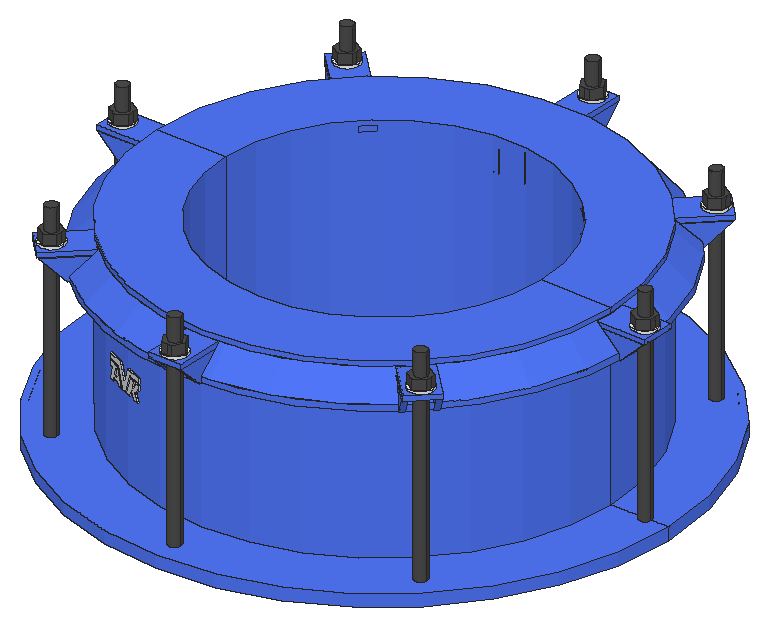
Revit family "603-A-4100-DN400", category Pipe Accessories, Revit 2019
Family settings
  Round Connector Dimension = Use Diameter
  Part Type = Valve - Breaks Into
  Work Plane-Based = No
  Always vertical = Yes
  Cut with Voids When Loaded = No
  Shared = No
Parameters (values of type "603-436-002-4100_DN400")
  Washer_ref = size_lookup(Search_table, "Washer_ref", 0 mm, [Nomianal_Diameter(DN)])  # 188 mm
  Washer = 3 mm  # constant formula
  URL product pages = "https://www.avkvalves.com/P.aspx?no=6031830604100"
  Search_table = "603-A-4100-DN400"
  Rib_width = size_lookup(Search_table, "Rib_width", 0 mm, [Nomianal_Diameter(DN)])  # 556 mm
  Rib_length = 32 mm  # constant formula
  Rib_Thickness = 5 mm  # constant formula
  PCD = size_lookup(Search_table, "PCD", 0 mm, [Nomianal_Diameter(DN)])  # 530 mm
  Nut = 10 mm  # constant formula
  Length = size_lookup(Search_table, "Length", 0 mm, [Nomianal_Diameter(DN)])  # 165 mm
  L1 = size_lookup(Search_table, "L1", 0 mm, [Nomianal_Diameter(DN)])  # 100 mm
  L3 = size_lookup(Search_table, "L3", 0 mm, [Nomianal_Diameter(DN)]) - 7 mm  # 158 mm
  L = size_lookup(Search_table, "L", 0 mm, [Nomianal_Diameter(DN)]) - Bottm_height  # 220 mm
  ID = [Nomianal_Diameter(DN)] / 2.5  # 160.04 mm
  Nomianal_Diameter(DN) = 400.1 mm
  H1 = size_lookup(Search_table, "H1", 0 mm, [Nomianal_Diameter(DN)])  # 33 mm
  Description_ = "AVK UNIVERSAL SUPA® FLANGE ADAPTOR"
  DN400_436-462 = "603-462-000-4100"
  DN400_410-436 = "603-436-002-4100"
  DN400_410- 436 = "603-436-000-4100"
  D4 = (PCD / 2) + Bottom_Flange_Thicckness  # 277 mm
  D3 = (D2 * 1.1)  # 253.55 mm
  D2 = size_lookup(Search_table, "D2", 0 mm, [Nomianal_Diameter(DN)]) / 2  # 230.5 mm
  D = size_lookup(Search_table, "D", 0 mm, [Nomianal_Diameter(DN)]) / 2  # 289 mm
  Bottom_Flange_Thicckness = 12 mm  # constant formula
  Bottm_height = size_lookup(Search_table, "Bottm_height", 0 mm, [Nomianal_Diameter(DN)])  # 6 mm
  Bottm_cut = size_lookup(Search_table, "Bottm_cut", 0 mm, [Nomianal_Diameter(DN)]) / 2  # 242 mm
  Bolt_width = 20 mm  # constant formula
  Bolt_ref = size_lookup(Search_table, "Bolt_ref", 0 mm, [Nomianal_Diameter(DN)])  # 198 mm
Types (4, lengths in mm): name | ID | Nomianal_Diameter(DN) | D
  (no name) | 160.04 | 400.1 | 289
  603-436-000-4100_DN400 | 160 | 400 | 298.5
  603-436-002-4100_DN400 | 160.04 | 400.1 | 289
  603-462-000-4100_DN400 | 160 | 400 | 298.5
Reference planes
  plane 1 "Center (Front/Back)": y = 0
  plane 2: z = 0
  plane 3 "Center (Left/Right)": x = 0
  plane 4: y = 278
  plane 5: y = -278
  plane 6: x = -278
  plane 7: x = 278
  plane 8: z = 165
  plane 9: z = 159
  plane 10: y = -11.5
  plane 11: y = 11.5
  plane 12: x = 11
  plane 13: x = -11
  plane 14: x = -265
  plane 15: x = 265
  plane 16: y = 265
  plane 17: y = -265
  plane 18: x = -255
  plane 19: x = -275
  plane 20: y = 11.187
  plane 21: y = -11.187
  plane 22: y = 5
  plane 23: y = 5
  plane 24: y = -5
  plane 25: y = -5
  plane 26: x = 0
  plane 27: x = 0
  plane 28: y = -255
  plane 29: y = -275
  plane 30: x = -5
  plane 31: x = 5
  plane 32: x = 5
  plane 33: x = -5
  plane 34: x = 11
  plane 35: x = -11
  plane 36: y = 265
  plane 37: y = 275
  plane 38: y = 255
  plane 39: x = -5
  plane 40: x = 5
  plane 41: x = 11
  plane 42: x = -11
  plane 43: x = 11
  plane 44: x = -11
  plane 45: x = 265
  plane 46: x = 275
  plane 47: x = 255
  plane 48: y = 11.187
  plane 49: y = -11.187
  plane 50: y = 5
  plane 51: y = 5
  plane 52: y = -5
  plane 53: y = -5
  plane 54: y = 11.187
  plane 55: y = -11.187
  plane 56: x = 64.5
  plane 57: x = -64.5
  plane 58: y = 64.5
  plane 59: y = -64.5
  plane 60: x = -265
  plane 61: x = 265
  plane 62: x = -250
  plane 63: z = -1.012
  plane 64: x = 265
  plane 65: x = -265
  plane 66: x = 250
  plane 67: z = -1.012
  plane 68: y = 265
  plane 69: y = -265
  plane 70: y = -265
  plane 71: y = 265
  plane 72: z = -6
  plane 73: x = -289
  plane 74: x = 289
  plane 75: through (0, 0, 1200) normal (-0.7071, -0.7071, 0)
  plane 76: through (0, 0, 1200) normal (-0.7071, 0.7071, 0)
  plane 77: through (0, 0, 1200) normal (-0.7071, 0.7071, 0)
  plane 78: x = -187.278
  plane 79: x = -177.278
  plane 80: x = -197.278
  plane 81: through (0, 0, 1200) normal (0.7071, 0.7071, 0)
  plane 82: x = 187.477
  plane 83: x = 197.477
  plane 84: x = 177.477
  plane 85: through (0, 0, 1200) normal (-0.7071, 0.7071, 0)
  plane 86: x = 187.278
  plane 87: x = 177.278
  plane 88: x = 197.278
  plane 89: x = -187.477
  plane 90: x = -197.477
  plane 91: x = -177.477
  plane 92: x = -187.278
  plane 93: x = 342.722
  plane 94: x = -172.278
  plane 95: z = -1.012
  plane 96: x = 187.278
  plane 97: x = -342.722
  plane 98: x = 172.278
  plane 99: z = -1.012
  plane 100: x = -187.278
  plane 101: x = 342.722
  plane 102: x = -172.278
  plane 103: z = -1.012
  plane 104: x = 187.278
  plane 105: x = -342.722
  plane 106: x = 172.278
  plane 107: z = -1.012
Forms (mm)
  Revolve 1, solid, material "Plastic"
    sketch origin (0, 0, 0) x (1, 0, 0) y (0, 0, 1)
      loop
        line (0, 0) -> (289, 0) -> (289, 12) -> (230.5, 12) -> (230.5, 158) -> (253.55, 158) -> (253.55, 164) -> (230.5, 186) -> (230.5, 191) -> (0, 191) -> (0, 0)
      axis (0, 0) -> (0, 191)
    angle from 0 to 360
  Extrusion 2, solid, material "Plastic"
    sketch origin (0, 0, 0) x (1, 0, 0) y (0, 0, 1)
      loop
        line (-16, 186) -> (-16, 181) -> (16, 181) -> (16, 186) -> (-16, 186)
    from -278 to 278
  Extrusion 3, solid, material "Plastic"
    sketch origin (0, 0, 0) x (0, 1, 0) y (0, 0, 1)
      loop
        line (16.5, 186) -> (-16.5, 186) -> (-16.5, 181) -> (16.5, 181) -> (16.5, 186)
    from -278 to 278
  Extrusion 4, solid, material "Stainless Steel AISI 304"
    sketch origin (0, 0, 0) x (1, 0, 0) y (0, 1, 0)
      loop
        circle (0, 265) r 6
      loop
        circle (0, -265) r 6
      loop
        circle (-265, 0) r 6
      loop
        circle (265, 0) r 6
      loop
        circle (-187.383, 187.383) r 6
      loop
        circle (187.383, -187.383) r 6
      loop
        circle (187.383, 187.383) r 6
      loop
        circle (-187.383, -187.383) r 6
    from 12 to 220
  Extrusion 5, solid, material "Plastic"
    sketch origin (0, 0, 0) x (0.707107, -0.707107, 0) y (0, 0, 1)
      loop
        line (-253.55, 158) -> (0, 158) -> (253.55, 158) -> (277, 181) -> (0, 181) -> (-277, 181) -> (-253.55, 158)
    from 11.5 to 16.5
  Extrusion 6, solid, material "Plastic"
    sketch origin (0, 0, 0) x (0.707107, -0.707107, 0) y (0, 0, 1)
      loop
        line (253.55, 158) -> (277, 181) -> (-277, 181) -> (-253.55, 158) -> (253.55, 158)
    from -16.5 to -11.5
  Extrusion 7, solid, material "Plastic"
    sketch origin (0, 0, 0) x (0, 1, 0) y (0, 0, 1)
      loop
        line (277, 181) -> (-277, 181) -> (-253.55, 158) -> (253.55, 158) -> (277, 181)
    from 11 to 16
  Extrusion 8, solid, material "Plastic"
    sketch origin (0, 0, 0) x (0, 1, 0) y (0, 0, 1)
      loop
        line (253.55, 158) -> (277, 181) -> (-277, 181) -> (-253.55, 158) -> (0, 158) -> (253.55, 158)
    from -16 to -11
  Extrusion 9, solid, material "Stainless Steel AISI 304"
    sketch origin (0, 0, 0) x (1, 0, 0) y (0, 1, 0)
      loop
        line (-275, 0) -> (-275, -5) -> (-265, -11.187) -> (-255, -5) -> (-255, 0) -> (-255, 5) -> (-265, 11.187) -> (-275, 5) -> (-275, 0)
      loop
        line (0, -255) -> (-5, -255) -> (-11, -265) -> (-5, -275) -> (0, -275) -> (5, -275) -> (11, -265) -> (5, -255) -> (0, -255)
      loop
        line (0, 275) -> (-5, 275) -> (-11, 265) -> (-5, 255) -> (0, 255) -> (5, 255) -> (11, 265) -> (5, 275) -> (0, 275)
      loop
        line (255, 0) -> (255, -5) -> (265, -11.187) -> (275, -5) -> (275, 0) -> (275, 5) -> (265, 11.187) -> (255, 5) -> (255, 0)
      loop
        line (-197.278, 187.278) -> (-197.278, 182.278) -> (-187.278, 176.091) -> (-177.278, 182.278) -> (-177.278, 187.278) -> (-177.278, 192.278) -> (-187.278, 198.465) -> (-197.278, 192.278) -> (-197.278, 187.278)
      loop
        line (177.477, -187.477) -> (177.477, -192.477) -> (187.477, -198.664) -> (197.477, -192.477) -> (197.477, -187.477) -> (197.477, -182.477) -> (187.477, -176.29) -> (177.477, -182.477) -> (177.477, -187.477)
      loop
        line (197.278, 187.278) -> (197.278, 192.278) -> (187.278, 198.465) -> (177.278, 192.278) -> (177.278, 187.278) -> (177.278, 182.278) -> (187.278, 176.091) -> (197.278, 182.278) -> (197.278, 187.278)
      loop
        line (-177.477, -187.477) -> (-177.477, -182.477) -> (-187.477, -176.29) -> (-197.477, -182.477) -> (-197.477, -187.477) -> (-197.477, -192.477) -> (-187.477, -198.664) -> (-177.477, -192.477) -> (-177.477, -187.477)
    from 188 to 198
  Extrusion 10, solid, material "Stainless Steel AISI 304(1)"
    sketch origin (0, 0, 0) x (1, 0, 0) y (0, 1, 0)
      loop
        circle (0, 265) r 11.994
      loop
        circle (265, 0) r 11.966
      loop
        circle (-265, 0) r 11.97
      loop
        circle (0, -265) r 12
      loop
        circle (-187.383, 187.383) r 12
      loop
        circle (187.383, -187.383) r 12
      loop
        circle (187.357, 187.357) r 12
      loop
        circle (-187.357, -187.357) r 12
    from 186 to 188
  Revolve 11, solid, material "Plastic"
    sketch origin (0, 0, 0) x (1, 0, 0) y (0, 0, 1)
      loop
        line (160.04, 0) -> (160.04, -6) -> (242, -6) -> (242, 0) -> (160.04, 0)
      axis (0, -6) -> (0, 0)
    angle from 0 to 360
  Revolve 12, solid, material "Stainless Steel AISI 304"
    sketch origin (0, 0, 0) x (1, 0, 0) y (0, 0, 1)
      loop
        line (-265, 0) -> (-265, -2.588)
        arc (-265, -2.588) -> (-257.462, -2.16) -> (-250, -1.012) r 78.744
        line (-250, -1.012) -> (-250, 0) -> (-265, 0)
      axis (-265, -2.588) -> (-265, 0)
    angle from 0 to 360
  Revolve 13, solid, material "Stainless Steel AISI 304"
    sketch origin (0, 0, 0) x (-1, 0, 0) y (0, 0, 1)
      loop
        line (-265, 0) -> (-265, -2.588)
        arc (-265, -2.588) -> (-257.462, -2.16) -> (-250, -1.012) r 78.744
        line (-250, -1.012) -> (-250, 0) -> (-265, 0)
      axis (-265, -2.588) -> (-265, 0)
    angle from 0 to 360
  Revolve 14, solid, material "Stainless Steel AISI 304"
    sketch origin (0, 0, 0) x (0, 1, 0) y (0, 0, 1)
      loop
        line (265, 0) -> (250, 0) -> (250, -1.043)
        arc (250, -1.043) -> (257.453, -2.383) -> (265, -3) r 78.7
        line (265, -3) -> (265, 0)
      axis (265, -3) -> (265, 0)
    angle from 0 to 360
  Revolve 15, solid, material "Stainless Steel AISI 304"
    sketch origin (0, 0, 0) x (0, -1, 0) y (0, 0, 1)
      loop
        line (265, 0) -> (250, 0) -> (250, -1.043)
        arc (250, -1.043) -> (257.453, -2.383) -> (265, -3) r 78.7
        line (265, -3) -> (265, 0)
      axis (265, -3) -> (265, 0)
    angle from 0 to 360
  Extrusion 16, solid, material "Plastic"
    sketch origin (0, 0, 0) x (1, 0, 0) y (0, 0, 1)
      loop
        line (-253.55, 158) -> (0, 158) -> (253.55, 158) -> (277, 181) -> (0, 181) -> (-277, 181) -> (-253.55, 158)
    from 11.5 to 16.5
  Extrusion 17, solid, material "Plastic"
    sketch origin (0, 0, 0) x (1, 0, 0) y (0, 0, 1)
      loop
        line (253.55, 158) -> (277, 181) -> (-277, 181) -> (-253.55, 158) -> (253.55, 158)
    from -16.5 to -11.5
  Extrusion 18, solid, material "Plastic"
    sketch origin (0, 0, 0) x (-0.707107, -0.707107, 0) y (0, 0, -1)
      loop
        line (-253.55, -158) -> (-277, -181) -> (0, -181) -> (277, -181) -> (253.55, -158) -> (0, -158) -> (-253.55, -158)
    from 11.5 to 16.5
  Extrusion 19, solid, material "Plastic"
    sketch origin (0, 0, 0) x (-0.707107, -0.707107, 0) y (0, 0, -1)
      loop
        line (253.55, -158) -> (-253.55, -158) -> (-277, -181) -> (277, -181) -> (253.55, -158)
    from -16.5 to -11.5
  Extrusion 20, solid, material "Plastic"
    sketch origin (0, 0, 0) x (0.707107, 0.707107, 0) y (0, 0, 1)
      loop
        line (-16, 186) -> (-16, 181) -> (16, 181) -> (16, 186) -> (-16, 186)
    from -278 to 278
  Extrusion 21, solid, material "Plastic"
    sketch origin (0, 0, 0) x (-0.707107, 0.707107, 0) y (0, 0, -1)
      loop
        line (-16, -186) -> (16, -186) -> (16, -181) -> (-16, -181) -> (-16, -186)
    from -278 to 278
  Revolve 22, solid, material "Stainless Steel AISI 304"
    sketch origin (77.722, 187.278, 0) x (1, 0, 0) y (0, 0, 1)
      loop
        line (-265, 0) -> (-265, -2.588)
        arc (-265, -2.588) -> (-257.462, -2.16) -> (-250, -1.012) r 78.744
        line (-250, -1.012) -> (-250, 0) -> (-265, 0)
      axis (-265, -2.588) -> (-265, 0)
    angle from 0 to 360
  Revolve 23, solid, material "Stainless Steel AISI 304"
    sketch origin (-77.722, 187.278, 0) x (-1, 0, 0) y (0, 0, -1)
      loop
        line (-265, 0) -> (-250, 0) -> (-250, 1.012)
        arc (-250, 1.012) -> (-257.462, 2.16) -> (-265, 2.588) r 78.744
        line (-265, 2.588) -> (-265, 0)
      axis (-265, 2.588) -> (-265, 0)
    angle from 0 to 360
  Revolve 24, solid, material "Stainless Steel AISI 304"
    sketch origin (77.722, -187.278, 0) x (1, 0, 0) y (0, 0, -1)
      loop
        line (-265, 0) -> (-250, 0) -> (-250, 1.012)
        arc (-250, 1.012) -> (-257.462, 2.16) -> (-265, 2.588) r 78.744
        line (-265, 2.588) -> (-265, 0)
      axis (-265, 2.588) -> (-265, 0)
    angle from 0 to 360
  Revolve 25, solid, material "Stainless Steel AISI 304"
    sketch origin (-77.722, -187.278, 0) x (-1, 0, 0) y (0, 0, 1)
      loop
        line (-265, 0) -> (-265, -2.588)
        arc (-265, -2.588) -> (-257.462, -2.16) -> (-250, -1.012) r 78.744
        line (-250, -1.012) -> (-250, 0) -> (-265, 0)
      axis (-265, -2.588) -> (-265, 0)
    angle from 0 to 360
  Revolve 26, void
    sketch origin (0, 0, 0) x (1, 0, 0) y (0, 0, 1)
      loop
        line (0, 198) -> (0, -6) -> (160.04, -6) -> (160.04, 198) -> (0, 198)
      axis (0, -6) -> (0, 198)
    angle from 0 to 360
  Revolve 27, void
    sketch origin (0, 0, 0) x (1, 0, 0) y (0, 0, 1)
      loop
        line (282.952, 0) -> (282.952, 10) -> (160.04, 10) -> (160.04, 0) -> (282.952, 0)
      axis (0, 0) -> (0, 10)
    angle from 0 to 360
Cuts and joins
  Revolve 26, Revolve 27 cuts Revolve 1
  Revolve 26 cuts Extrusion 2
  Revolve 26 cuts Extrusion 3
  Revolve 26 cuts Extrusion 5
  Revolve 26 cuts Extrusion 6
  Revolve 26 cuts Extrusion 7
  Revolve 26 cuts Extrusion 8
  Revolve 26, Revolve 27 cuts Revolve 11
  Revolve 26 cuts Extrusion 16
  Revolve 26 cuts Extrusion 17
  Revolve 26 cuts Extrusion 18
  Revolve 26 cuts Extrusion 19
  Revolve 26 cuts Extrusion 20
  Revolve 26 cuts Extrusion 21
  Revolve 27 cuts Revolve 12
  Revolve 27 cuts Revolve 13
  Revolve 27 cuts Revolve 14
  Revolve 27 cuts Revolve 15
  Revolve 27 cuts Revolve 22
  Revolve 27 cuts Revolve 23
  Revolve 27 cuts Revolve 24
  Revolve 27 cuts Revolve 25
Dimensions and locks
  "D": Revolve 1 sketch curve to plane 3 "Center (Left/Right)"
  "Bottom_Flange_Thicckness": Revolve 1 sketch curve to Revolve 1 sketch curve
  "L3": Revolve 1 sketch curve to Revolve 1 sketch curve
  "H1": Revolve 1 sketch curve to Revolve 1 sketch curve
  "D2": Revolve 1 sketch curve to Revolve 1 sketch curve  (x2)
  "D3": Revolve 1 sketch curve to Revolve 1 sketch curve
  equal spacing: Extrusion 2 sketch curve, plane 3 "Center (Left/Right)", Extrusion 2 sketch curve
  "Rib_length": Extrusion 2 sketch curve to Extrusion 2 sketch curve
  equal spacing: plane 4, plane 1 "Center (Front/Back)", plane 5
  "Rib_width": plane 4 to plane 5
  equal spacing: Extrusion 3 sketch curve, plane 1 "Center (Front/Back)", Extrusion 3 sketch curve
  "H1": Extrusion 3 sketch curve to Extrusion 3 sketch curve
  equal spacing: plane 6, plane 3 "Center (Left/Right)", plane 7
  "Rib_width": plane 6 to plane 7
  equal spacing: Extrusion 4 sketch curve, plane 3 "Center (Left/Right)", Extrusion 4 sketch curve
  equal spacing: Extrusion 4 sketch curve, plane 1 "Center (Front/Back)", Extrusion 4 sketch curve
  "PCD": Extrusion 4 sketch curve to Extrusion 4 sketch curve  (x4)
  "Rib_Thickness": Extrusion 3 sketch curve to Extrusion 3 sketch curve
  "Rib_Thickness": Extrusion 2 sketch curve to Extrusion 2 sketch curve
  Extrusion 5 sketch curve to Extrusion 5 sketch curve = 507.1 mm
  Extrusion 5 sketch curve to Extrusion 5 sketch curve = 554 mm
  "Rib_Thickness": plane 10 to Extrusion 3
  "Rib_Thickness": Extrusion 3 to plane 11
  equal spacing: Extrusion 7 sketch curve, plane 1 "Center (Front/Back)", Extrusion 7 sketch curve  (x2)
  "D3": Extrusion 7 sketch curve to plane 1 "Center (Front/Back)"
  "D4": Extrusion 7 sketch curve to plane 1 "Center (Front/Back)"
  "Rib_Thickness": Extrusion 2 to plane 12
  "Rib_Thickness": Extrusion 2 to plane 13
  equal spacing: plane 14, plane 3 "Center (Left/Right)", plane 15
  "PCD": plane 14 to plane 15
  equal spacing: plane 16, plane 1 "Center (Front/Back)", plane 17
  "PCD": plane 16 to plane 17
  equal spacing: plane 19, plane 14, plane 18
  equal spacing: plane 22, plane 1 "Center (Front/Back)", plane 24
  equal spacing: plane 30, plane 27, plane 31
  equal spacing: plane 28, plane 17, plane 29
  plane 30 to plane 31 = 10 mm
  "Bolt_width": plane 28 to plane 29
  plane 23 to plane 25 = 10 mm
  "Bolt_width": plane 19 to plane 18
  equal spacing: plane 39, plane 27, plane 40
  equal spacing: plane 38, plane 36, plane 37
  plane 39 to plane 40 = 10 mm
  "Bolt_width": plane 38 to plane 37
  equal spacing: plane 46, plane 45, plane 47
  equal spacing: plane 50, plane 1 "Center (Front/Back)", plane 52
  plane 51 to plane 53 = 10 mm
  "Bolt_width": plane 46 to plane 47
  equal spacing: Extrusion 10 sketch curve, plane 3 "Center (Left/Right)", Extrusion 10 sketch curve
  equal spacing: Extrusion 10 sketch curve, plane 1 "Center (Front/Back)", Extrusion 10 sketch curve
  "PCD": Extrusion 10 sketch curve to Extrusion 10 sketch curve  (x3)
  "ID": Revolve 11 sketch curve to plane 3 "Center (Left/Right)"
  "Bottm_cut": Revolve 11 sketch curve to plane 3 "Center (Left/Right)"
  "Rib_Thickness": Revolve 1 sketch curve to Revolve 1 sketch curve
  equal spacing: plane 61, plane 3 "Center (Left/Right)", plane 60
  "PCD": plane 61 to plane 60
  plane 62 to plane 60 = 15 mm
  "PCD": plane 65 to plane 64
  plane 66 to plane 64 = 15 mm
  equal spacing: plane 64, plane 3 "Center (Left/Right)", plane 65
  plane 68 to Revolve 14 sketch curve = 15 mm
  equal spacing: plane 68, plane 1 "Center (Front/Back)", plane 69
  "PCD": plane 68 to plane 69
  plane 70 to Revolve 15 sketch curve = 15 mm
  "PCD": plane 70 to plane 71
  equal spacing: plane 71, plane 1 "Center (Front/Back)", plane 70
  equal spacing: plane 74, plane 3 "Center (Left/Right)", plane 73
  plane 74 to plane 73 = 578 mm
  "D": plane 74 to plane 3 "Center (Left/Right)"
  "Washer_ref": Extrusion 10 to level
  "Bolt_ref": Extrusion 9 to level
  Extrusion 16 sketch curve to Extrusion 16 sketch curve = 507.1 mm
  Extrusion 16 sketch curve to Extrusion 16 sketch curve = 554 mm
  Extrusion 18 sketch curve to Extrusion 18 sketch curve = 507.1 mm
  Extrusion 18 sketch curve to Extrusion 18 sketch curve = 554 mm
  Extrusion 20 sketch curve to Extrusion 20 sketch curve = 32 mm
  "Rib_length": Extrusion 20 sketch curve to Extrusion 20 sketch curve
  "Rib_Thickness": Extrusion 20 sketch curve to Extrusion 20 sketch curve
  Extrusion 21 sketch curve to Extrusion 21 sketch curve = 32 mm
  "Rib_length": Extrusion 21 sketch curve to Extrusion 21 sketch curve
  "Rib_Thickness": Extrusion 21 sketch curve to Extrusion 21 sketch curve
  equal spacing: Extrusion 10 sketch curve, plane 76, Extrusion 10 sketch curve
  equal spacing: Extrusion 4 sketch curve, plane 77, Extrusion 4 sketch curve
  equal spacing: plane 80, plane 78, plane 79
  "Bolt_width": plane 80 to plane 79
  equal spacing: plane 84, plane 82, plane 83
  "Bolt_width": plane 84 to plane 83
  Extrusion 9 sketch curve to plane 85 to Extrusion 9 sketch curve = 261.316 mm, 268.668 mm
  equal spacing: plane 88, plane 86, plane 87
  "Bolt_width": plane 88 to plane 87
  equal spacing: plane 91, plane 89, plane 90
  "Bolt_width": plane 91 to plane 90
  plane 93 to plane 92 = 530 mm
  "PCD": plane 93 to plane 92
  plane 94 to plane 92 = 15 mm
  plane 97 to plane 96 = 530 mm
  "PCD": plane 97 to plane 96
  plane 98 to plane 96 = 15 mm
  plane 101 to plane 100 = 530 mm
  "PCD": plane 101 to plane 100
  plane 102 to plane 100 = 15 mm
  plane 105 to plane 104 = 530 mm
  "PCD": plane 105 to plane 104
  plane 106 to plane 104 = 15 mm
  "ID": Revolve 26 sketch curve to Revolve 26 sketch curve
  equal spacing: Extrusion 4 sketch curve, plane 75, Extrusion 4 sketch curve
  Extrusion 4 to cut or joined group of Revolve 11, Revolve 26, Revolve 27 = 226 mm
  cut or joined group of Revolve 1, Revolve 26, Revolve 27 to cut or joined group of Revolve 11, Revolve 26, Revolve 27 = 164 mm
  locked: plane 74 to Revolve 27 sketch curve at 6.048
  "ID": Revolve 27 sketch curve to plane 3 "Center (Left/Right)"
  locked: Revolve 27 sketch curve to cut or joined group of Revolve 1, Revolve 26, Revolve 27 at 10
  Extrusion 4 to cut or joined group of Revolve 1, Revolve 26, Revolve 27 = 210 mm
  radius of Extrusion 10 sketch curve = 11.994 mm
  radius of Extrusion 10 sketch curve = 11.97 mm
  radius of Extrusion 10 sketch curve = 11.966 mm
  radius of Extrusion 10 sketch curve = 12 mm  (x5)
  radius of Extrusion 4 sketch curve = 6 mm  (x8)
  aligned and locked: level to plane 2
  aligned and locked: Revolve 1 sketch curve to plane 3 "Center (Left/Right)"
  aligned and locked: Revolve 1 sketch curve to Revolve 1 sketch curve
  aligned and locked: Revolve 1 to Extrusion 2 sketch curve
  aligned and locked: plane 4 to Extrusion 2
  aligned and locked: Extrusion 2 to plane 5
  aligned and locked: Extrusion 2 to Extrusion 3 sketch curve
  aligned and locked: plane 6 to Extrusion 3
  aligned and locked: Extrusion 3 to plane 7
  aligned and locked: Revolve 1 to Extrusion 5 sketch curve
  aligned and locked: Extrusion 5 sketch curve to Extrusion 3
  aligned and locked: Extrusion 3 to Extrusion 5 sketch curve
  aligned and locked: Extrusion 5 sketch curve to Revolve 1
  aligned and locked: Extrusion 6 sketch curve to Extrusion 5  (x3)
  aligned and locked: Extrusion 6 sketch curve to Revolve 1
  aligned and locked: Extrusion 2 to Extrusion 7 sketch curve
  aligned and locked: Extrusion 7 sketch curve to Revolve 1
  aligned and locked: Extrusion 7 to Extrusion 2
  aligned and locked: Extrusion 7 to plane 12
  aligned and locked: Extrusion 8 sketch curve to Extrusion 7  (x2)
  aligned and locked: Extrusion 8 sketch curve to Revolve 1  (x2)
  aligned and locked: Extrusion 2 to Extrusion 8 sketch curve
  aligned and locked: Extrusion 2 to Extrusion 8
  aligned and locked: plane 13 to Extrusion 8
  aligned and locked: plane 22 to Extrusion 9 sketch curve
  aligned and locked: plane 18 to Extrusion 9 sketch curve  (x2)
  aligned and locked: Extrusion 9 sketch curve to plane 24
  aligned and locked: plane 19 to Extrusion 9 sketch curve  (x2)
  aligned and locked: Extrusion 9 sketch curve to plane 25
  aligned and locked: plane 23 to Extrusion 9 sketch curve
  aligned and locked: plane 14 to Extrusion 9 sketch curve  (x2)
  aligned and locked: plane 20 to Extrusion 9 sketch curve
  aligned and locked: Extrusion 9 sketch curve to plane 21
  aligned and locked: plane 32 to Extrusion 9 sketch curve
  aligned and locked: plane 28 to Extrusion 9 sketch curve  (x2)
  aligned and locked: Extrusion 9 sketch curve to plane 33
  aligned and locked: plane 30 to Extrusion 9 sketch curve
  aligned and locked: plane 29 to Extrusion 9 sketch curve  (x2)
  aligned and locked: Extrusion 9 sketch curve to plane 31
  aligned and locked: plane 34 to Extrusion 9 sketch curve
  aligned and locked: plane 17 to Extrusion 9 sketch curve  (x2)
  aligned and locked: Extrusion 9 sketch curve to plane 35
  aligned and locked: plane 38 to Extrusion 9 sketch curve  (x2)
  aligned and locked: plane 40 to Extrusion 9 sketch curve  (x2)
  aligned and locked: Extrusion 9 sketch curve to plane 39  (x2)
  aligned and locked: plane 37 to Extrusion 9 sketch curve  (x2)
  aligned and locked: plane 44 to Extrusion 9 sketch curve
  aligned and locked: Extrusion 9 sketch curve to plane 43
  aligned and locked: plane 36 to Extrusion 9 sketch curve  (x2)
  aligned and locked: plane 47 to Extrusion 9 sketch curve  (x2)
  aligned and locked: Extrusion 9 sketch curve to plane 51  (x2)
  aligned and locked: plane 53 to Extrusion 9 sketch curve  (x2)
  aligned and locked: plane 46 to Extrusion 9 sketch curve  (x2)
  aligned and locked: plane 54 to Extrusion 9 sketch curve
  aligned and locked: plane 45 to Extrusion 9 sketch curve  (x2)
  aligned and locked: Extrusion 9 sketch curve to plane 55
  aligned and locked: plane 45 to plane 15
  aligned and locked: plane 36 to plane 16
  aligned and locked: plane 3 "Center (Left/Right)" to Revolve 11 sketch curve
  aligned and locked: Revolve 1 to Revolve 11
  aligned and locked: Extrusion 4 to Revolve 1
  aligned and locked: plane 60 to Revolve 12 sketch curve  (x2)
  aligned and locked: plane 62 to Revolve 12 sketch curve
  aligned and locked: plane 63 to Revolve 12 sketch curve
  aligned and locked: Revolve 13 sketch curve to plane 64  (x2)
  aligned and locked: Revolve 13 sketch curve to plane 66
  aligned and locked: plane 67 to Revolve 13 sketch curve
  aligned and locked: plane 68 to Revolve 14 sketch curve
  aligned and locked: Revolve 14 sketch curve to plane 68
  aligned and locked: Revolve 15 sketch curve to plane 70
  aligned and locked: plane 70 to Revolve 15 sketch curve
  aligned and locked: Extrusion 9 to Extrusion 10
  aligned and locked: Extrusion 17 sketch curve to Extrusion 16  (x3)
  aligned and locked: Extrusion 19 sketch curve to Extrusion 18  (x3)
  aligned and locked: plane 79 to Extrusion 9 sketch curve  (x2)
  aligned and locked: plane 80 to Extrusion 9 sketch curve  (x2)
  aligned and locked: plane 78 to Extrusion 9 sketch curve  (x2)
  aligned and locked: plane 83 to Extrusion 9 sketch curve  (x2)
  aligned and locked: plane 84 to Extrusion 9 sketch curve  (x2)
  aligned and locked: plane 82 to Extrusion 9 sketch curve  (x2)
  aligned and locked: Extrusion 9 sketch curve to plane 87  (x2)
  aligned and locked: Extrusion 9 sketch curve to plane 88  (x2)
  aligned and locked: Extrusion 9 sketch curve to plane 86  (x2)
  aligned and locked: Extrusion 9 sketch curve to plane 90  (x2)
  aligned and locked: Extrusion 9 sketch curve to plane 91  (x2)
  aligned and locked: Extrusion 9 sketch curve to plane 89  (x2)
  aligned and locked: plane 92 to Revolve 22 sketch curve  (x2)
  aligned and locked: plane 94 to Revolve 22 sketch curve
  aligned and locked: plane 95 to Revolve 22 sketch curve
  aligned and locked: plane 96 to Revolve 23 sketch curve  (x2)
  aligned and locked: plane 98 to Revolve 23 sketch curve
  aligned and locked: plane 99 to Revolve 23 sketch curve
  aligned and locked: plane 100 to Revolve 24 sketch curve  (x2)
  aligned and locked: plane 102 to Revolve 24 sketch curve
  aligned and locked: plane 103 to Revolve 24 sketch curve
  aligned and locked: plane 104 to Revolve 25 sketch curve  (x2)
  aligned and locked: plane 106 to Revolve 25 sketch curve
  aligned and locked: plane 107 to Revolve 25 sketch curve
  aligned and locked: Revolve 26 sketch curve to Extrusion 9  (x2)
  aligned and locked: Revolve 11 to Revolve 26 sketch curve
  aligned and locked: Revolve 26 sketch curve to Revolve 26 sketch curve
  aligned and locked: plane 2 to Revolve 27 sketch curve
  aligned and locked: plane 3 "Center (Left/Right)" to Revolve 27 sketch curve
Automatic sketch dimensions
  Extrusion 5 sketch curve to Extrusion 5 sketch curve = 23.45 mm  (x2)
  Extrusion 5 sketch curve to Extrusion 5 sketch curve = 253.55 mm  (x2)
  Extrusion 5 sketch curve to Extrusion 5 sketch curve = 0 mm
  Extrusion 8 sketch curve to plane 1 "Center (Front/Back)" = 0 mm
  Extrusion 16 sketch curve to plane 3 "Center (Left/Right)" = 0 mm  (x2)
  Extrusion 16 sketch curve to plane 9 = 1 mm
  Extrusion 16 sketch curve to plane 6 = 24.45 mm
  Extrusion 16 sketch curve to plane 6 = 1 mm
  plane 7 to Extrusion 16 sketch curve = 24.45 mm
  plane 7 to Extrusion 16 sketch curve = 1 mm
  plane 8 to Extrusion 16 sketch curve = 16 mm
  Extrusion 17 sketch curve to plane 9 = 1 mm
  Extrusion 18 sketch curve to plane 75 = 0 mm  (x2)
  Extrusion 18 sketch curve to plane 9 = 1 mm
  Extrusion 18 sketch curve to plane 75 = 253.55 mm
  plane 8 to Extrusion 18 sketch curve = 16 mm
  Extrusion 18 sketch curve to Extrusion 18 sketch curve = 23.45 mm  (x2)
  plane 75 to Extrusion 18 sketch curve = 253.55 mm
  Extrusion 19 sketch curve to plane 9 = 1 mm
  Revolve 1 sketch curve to level = 0 mm
  Revolve 1 sketch curve to plane 8 = 1 mm
  Revolve 1 sketch curve to Revolve 1 sketch curve = 5.069 mm
  Revolve 1 sketch curve to Revolve 1 sketch curve = 0.201 mm
  Extrusion 4 sketch curve to plane 77 = 0 mm
  plane 75 to Extrusion 4 sketch curve = 0 mm  (x2)
  Extrusion 4 sketch curve to plane 3 "Center (Left/Right)" = 0 mm  (x2)
  plane 77 to Extrusion 4 sketch curve = 0 mm
  plane 1 "Center (Front/Back)" to Extrusion 4 sketch curve = 0 mm  (x2)
  Extrusion 9 sketch curve to plane 3 "Center (Left/Right)" = 0 mm  (x4)
  plane 1 "Center (Front/Back)" to Extrusion 9 sketch curve = 0 mm  (x4)
  plane 28 to Extrusion 9 sketch curve = 56.336 mm
  Extrusion 9 sketch curve to Extrusion 9 sketch curve = 16.187 mm  (x2)
  Extrusion 9 sketch curve to Extrusion 9 sketch curve = 6.187 mm  (x10)
  Extrusion 9 sketch curve to Extrusion 9 sketch curve = 10 mm  (x2)
  Extrusion 9 sketch curve to Extrusion 9 sketch curve = 5 mm  (x14)
  plane 38 to Extrusion 9 sketch curve = 78.909 mm
  plane 75 to Extrusion 10 sketch curve = 0 mm  (x2)
  Extrusion 10 sketch curve to plane 76 = 0 mm
  Extrusion 10 sketch curve to plane 3 "Center (Left/Right)" = 0 mm  (x2)
  plane 76 to Extrusion 10 sketch curve = 0 mm
  plane 1 "Center (Front/Back)" to Extrusion 10 sketch curve = 0 mm  (x2)
  plane 5 to Extrusion 10 sketch curve = 90.643 mm
  Extrusion 10 sketch curve to plane 4 = 90.643 mm
  Revolve 11 sketch curve to plane 72 = 0 mm
  Revolve 11 sketch curve to level = 0 mm
  level to Revolve 11 sketch curve = 21.248 mm
  Revolve 11 sketch curve to Revolve 11 sketch curve = 16.264 mm
  Revolve 12 sketch curve to level = 0 mm
  Revolve 12 sketch curve to plane 60 = 0.693 mm
  Revolve 12 sketch curve to level = 2.588 mm
  Revolve 12 sketch curve to plane 72 = 0.648 mm
  Revolve 12 sketch curve to Revolve 12 sketch curve = 3.741 mm
  Revolve 13 sketch curve to level = 0 mm
  plane 64 to Revolve 13 sketch curve = 0.693 mm
  level to Revolve 13 sketch curve = 2.588 mm
  plane 72 to Revolve 13 sketch curve = 0.648 mm
  Revolve 13 sketch curve to Revolve 13 sketch curve = 3.741 mm
  Revolve 14 sketch curve to level = 0 mm
  Revolve 14 sketch curve to plane 68 = 2.633 mm
  Revolve 14 sketch curve to Revolve 14 sketch curve = 1.043 mm
  Revolve 14 sketch curve to Revolve 14 sketch curve = 3 mm
  Revolve 14 sketch curve to plane 72 = 0.357 mm
  Revolve 14 sketch curve to Revolve 14 sketch curve = 3.881 mm
  Revolve 15 sketch curve to level = 0 mm
  plane 70 to Revolve 15 sketch curve = 2.633 mm
  level to Revolve 15 sketch curve = 1.043 mm
  level to Revolve 15 sketch curve = 3 mm
  plane 72 to Revolve 15 sketch curve = 0.357 mm
  Revolve 15 sketch curve to Revolve 15 sketch curve = 3.881 mm
  plane 75 to Extrusion 20 sketch curve = 16 mm
  plane 8 to Extrusion 20 sketch curve = 16 mm
  plane 8 to Extrusion 21 sketch curve = 16 mm
  Revolve 22 sketch curve to level = 0 mm
  Revolve 22 sketch curve to plane 92 = 0.693 mm
  Revolve 22 sketch curve to level = 2.588 mm
  Revolve 22 sketch curve to plane 72 = 0.648 mm
  Revolve 22 sketch curve to Revolve 22 sketch curve = 3.741 mm
  Revolve 23 sketch curve to level = 0 mm
  Revolve 23 sketch curve to plane 96 = 0.693 mm
  level to Revolve 23 sketch curve = 76.153 mm
  Revolve 23 sketch curve to plane 72 = 0.648 mm
  Revolve 23 sketch curve to Revolve 23 sketch curve = 3.741 mm
  Revolve 24 sketch curve to level = 0 mm
  Revolve 24 sketch curve to plane 100 = 0.693 mm
  level to Revolve 24 sketch curve = 76.153 mm
  Revolve 24 sketch curve to plane 72 = 0.648 mm
  Revolve 24 sketch curve to Revolve 24 sketch curve = 3.741 mm
  Revolve 25 sketch curve to level = 0 mm
  Revolve 25 sketch curve to plane 104 = 0.693 mm
  Revolve 25 sketch curve to level = 2.588 mm
  Revolve 25 sketch curve to plane 72 = 0.648 mm
  Revolve 25 sketch curve to Revolve 25 sketch curve = 3.741 mm
  level to Revolve 26 sketch curve = 74 mm
  Revolve 26 sketch curve to Revolve 26 sketch curve = 40 mm
  level to Revolve 27 sketch curve = 60 mm
  Revolve 27 sketch curve to Revolve 27 sketch curve = 40 mm
Nested families
  nested 1: "LOGO - Copy - Copy" at (-93.444, -210.709, 83) x (0.9141, -0.4054, 0) z (-0.4054, -0.9141, 0), type "LOGO - Copy - Copy"
Connectors
  piping at (0, 0, 191), diameter 400.1, driven by "Nomianal_Diameter(DN)"
    settings: on Revolve 1, index 1, connector inside diameter 609.6 mm, connector length 0 mm, flow factor 0, pipe flow 0.0 L/s, pressure drop 0.0 Pa, fitting loss kfactor 0, connector angle 0.00°, fixture units 0, engagement length 0 mm, angle of deflection 0.00°, flow configuration 0, flow direction 0, fitting loss method 0, system type 7, joint type 0, gender type 0, connector reference index -1, connector utility 0, adjustable connector no, is connector primary yes, connector description ""
  piping at (0, 0, -6), diameter 400.1, driven by "Nomianal_Diameter(DN)"
    settings: on Revolve 11, index 2, connector inside diameter 609.6 mm, connector length 0 mm, flow factor 0, pipe flow 0.0 L/s, pressure drop 0.0 Pa, fitting loss kfactor 0, connector angle 0.00°, fixture units 0, engagement length 0 mm, angle of deflection 0.00°, flow configuration 0, flow direction 0, fitting loss method 0, system type 7, joint type 0, gender type 0, connector reference index -1, connector utility 0, adjustable connector no, is connector primary no, connector description ""
Definition of nested family "LOGO - Copy - Copy"
  Parameters (values of type "LOGO - Copy - Copy")
    Default Elevation = 1219.2 mm
  Reference planes
    plane 1 "Center (Front/Back)": y = 0
    plane 2: z = 0
    plane 3 "Center (Left/Right)": x = 0
  Forms (mm)
    Extrusion 1, solid
      sketch origin (0, 0, 0) x (1, 0, 0) y (0, 1, 0)
        loop
          line (-1219.2, 1219.2) -> (-1219.2, -1219.2) -> (1219.2, -1219.2) -> (1219.2, 1219.2) -> (-1219.2, 1219.2)
      from 0 to -304.8
    Extrusion 2, solid
      sketch origin (0, 0, 0) x (1, 0, 0) y (0, 1, 0)
        loop
          line (-6.514, 34.224) -> (-24, 34.224) -> (-24, 29.481) -> (-9.766, 29.481) -> (-2.391, 11.367) -> (2.391, 11.367) -> (9.766, 29.481) -> (24, 29.481) -> (24, 34.224) -> (6.514, 34.224) -> (0, 18.224) -> (-6.514, 34.224)
        loop
          line (-10.996, 27.653) -> (-24, 27.653) -> (-24, 23.081) -> (-19.503, 23.081) -> (-24, 11.367) -> (-18.92, 11.367) -> (-17.955, 13.881) -> (-10.51, 13.881) -> (-9.486, 11.367) -> (-4.365, 11.367) -> (-10.996, 27.653)
        loop
          line (-16.777, 18.224) -> (-12.278, 18.224) -> (-14.594, 23.912) -> (-16.777, 18.224)
        loop
          line (4.365, 11.367) -> (9.486, 11.367) -> (12.093, 17.77) -> (16.918, 11.367) -> (22.857, 11.367) -> (17.399, 18.61)
          arc (17.399, 18.61) -> (20.583, 20.18) -> (22.629, 23.081) r 7.2
          line (22.629, 23.081) -> (24, 23.081) -> (24, 27.653) -> (19.429, 27.653)
          arc (19.429, 27.653) -> (17.763, 23.526) -> (13.699, 21.714) r 5.943
          line (13.699, 21.714) -> (16.117, 27.653) -> (10.996, 27.653) -> (4.365, 11.367)
      from 0 to 1
  Dimensions and locks
    aligned and locked: plane 2 to Extrusion 1
    aligned and locked: level to Extrusion 1
    aligned and locked: Extrusion 2 sketch curve to import instance
